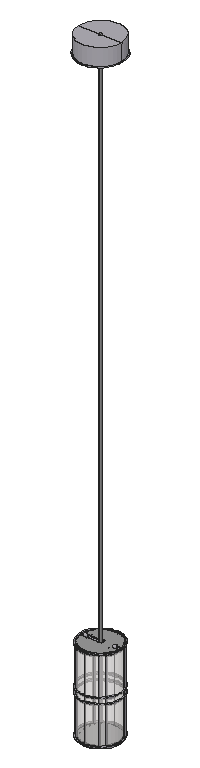
Revit family "Lighting - Lumetta - Pendant - P1204", category Lighting Fixtures, host Ceiling, Revit 2015
Parameters
  Wattage = 11.7117 W
  built-in parameter 1150110 = 1 (stored number, unit not read)
  URL = "https://lumetta.com/luminaires/intersect-pendant/"
  Type Comments = "Intersect Pendant "  # constant formula
  built-in parameter 1114217 = 1 (stored number, unit not read)
  Top Lens-Material [instance] = Acrylic - 2447 - White
  Top Lens [instance] = yes
  built-in parameter 1150109 = 1 (stored number, unit not read)
  built-in parameter 1150134 = (empty or 0)
  Suspension [instance] = 2
  built-in parameter 1150113 = 1 (stored number, unit not read)
  Stem or Cord with Blst-Drvr in canopy [instance] = or(Suspension = 2, Suspension = 3)  # yes
  Stem Hung-ALL Lamping [instance] = Suspension = 3  # no
  P1204 URL [instance] = "https://lumetta.com/luminaires/intersect-pendant/"
  Light Source Symbol Size = 0' - 1"
  Coupling-Stems Over 60 inches [instance] = and([Stem Hung-ALL Lamping], Fixture Drop > 5' 0")  # no
  Model = "P1204"  # constant formula
  Manufacturer = "Lumetta, Inc."  # constant formula
  Lumens = 1300 lm
  built-in parameter 1150115 = 1 (stored number, unit not read)
  built-in parameter 1150105 = 103.45 (stored number, unit not read)
  built-in parameter 1150137 = (empty or 0)
  built-in parameter 1150139 = (empty or 0)
  built-in parameter 1150112 = 1 (stored number, unit not read)
  built-in parameter 1150114 = 1 (stored number, unit not read)
  built-in parameter 1150132 = 1
  built-in parameter 1150102 = (empty or 0)
  built-in parameter 1150138 = (empty or 0)
  built-in parameter 1150107 = 3000 (stored number, unit not read)
  built-in parameter 1150106 = 1.0345 (stored number, unit not read)
  Frame Finish [instance] = Paint - Lumetta - F02 - PC_Chrome
  Fixture Drop [instance] = 6' - 0"
  built-in parameter 1150104 = 10.312 (stored number, unit not read)
  Dimming Lamp Color Temperature Shift = (empty or 0)
  Diffuser Material [instance] = Shade - Lumetta - D61 - MT_White
  Description = "Intersect Pendant "  # constant formula
  Cord Hung-Incan-CFL-2 Wire Dimming [instance] = Suspension = 1  # no
  Cord Hung-Blst-Drvr in Canopy [instance] = or(Suspension = 1, Suspension = 2)  # yes
  Bottom Lens-Material [instance] = Acrylic - P95 - Etched White
  Bottom Lens [instance] = yes
  Cord Hung-3 and 4 Wire Dimming-ALL [instance] = Suspension = 2  # yes
  Cord Color [instance] = Cord, Black
  Color Filter = 16777215
  built-in parameter 1114218 = 1 (stored number, unit not read)
  built-in parameter 1150133 = 10 (stored number, unit not read)
Reference planes (in)
  plane 1 "Light Source Axis (F/B)": y = 0
  plane 2 "Ceiling": z = 96
  plane 3 "Light Source Axis (L/R)": x = 0
  plane 4 "Light Source Elevation": z = 21
  plane 5 "Fixture-Top": z = 24
  plane 6 "Fixture-Radius": x = 2.75
  plane 7 "Fixture-Height": z = 13
  plane 8: y = 0
  plane 9: x = 1.9375
  plane 10 "Outer BTM-Flat Plane": z = 10.44187
  plane 11: z = 18.125
  plane 12: z = 18.875
Forms (in)
  Revolve 1, solid, material "Paint - Lumetta - F02 - PC_Chrome" <- "Frame Finish", visible <- "Cord Hung-Incan-CFL-2 Wire Dimming"
    sketch origin (0, 0, 0) x (1, 0, 0) y (0, 0, 1)
      loop
        line (0, 96) -> (0, 95.65) -> (2.125, 95.65)
        arc (2.125, 95.65) -> (2.21339, 95.68661) -> (2.25, 95.775) r 0.125
        line (2.25, 95.775) -> (2.25, 96) -> (0, 96)
      axis (0, 96) -> (0, 95.65)
    angle from 0 to 360
  Extrusion 2, solid, material "Paint - Lumetta - F02 - PC_Chrome" <- "Frame Finish", visible <- "Stem Hung-ALL Lamping"
    sketch origin (0, 0, 24) x (0, -1, 0) y (-1, 0, 0)
      loop
        circle (0, 0) r 0.25
    from 0.05815 to -72
  Revolve 3, solid, material "Paint - Lumetta - F02 - PC_Chrome" <- "Frame Finish", visible <- "Coupling-Stems Over 60 inches"
    sketch origin (0, 0, 0) x (1, 0, 0) y (0, 0, 1)
      loop
        line (0, 86.53023) -> (0, 86) -> (0.26233, 86)
        arc (0.26233, 86) -> (0.31307, 86.05074) -> (0.26233, 86.10149) r 0.05074
        arc (0.26233, 86.10149) -> (0.29304, 86.26499) -> (0.26243, 86.42851) r 0.45126
        arc (0.26243, 86.42851) -> (0.31329, 86.47937) -> (0.26243, 86.53023) r 0.05086
        line (0.26243, 86.53023) -> (0, 86.53023)
      axis (0, 86.53023) -> (0, 86)
    angle from 0 to 360
  Extrusion 4, solid, material "Cord, Black" <- "Cord Color", visible <- "Cord Hung-Blst-Drvr in Canopy"
    sketch origin (0, 0, 24) x (0, -1, 0) y (1, 0, 0)
      loop
        circle (0, 0) r 0.15674
    from -0.56254 to 72
  Extrusion 5, solid, material "Paint - Lumetta - F02 - PC_Chrome" <- "Frame Finish"
    sketch origin (0, 0, 24) x (0, -1, 0) y (1, 0, 0)
      loop
        circle (0, 0) r 0.26562
      loop
        arc (-0.625, -1.88572) -> (-0.61548, -1.93356) -> (-0.58839, -1.97411) r 0.125
        line (-0.58839, -1.97411) -> (-0.41161, -2.15089)
        arc (-0.41161, -2.15089) -> (-0.37106, -2.17798) -> (-0.32322, -2.1875) r 0.125
        line (-0.32322, -2.1875) -> (0.32322, -2.1875)
        arc (0.32322, -2.1875) -> (0.37106, -2.17798) -> (0.41161, -2.15089) r 0.125
        line (0.41161, -2.15089) -> (0.58839, -1.97411)
        arc (0.58839, -1.97411) -> (0.61548, -1.93356) -> (0.625, -1.88572) r 0.125
        line (0.625, -1.88572) -> (0.625, 1.88572)
        arc (0.625, 1.88572) -> (0.61548, 1.93356) -> (0.58839, 1.97411) r 0.125
        line (0.58839, 1.97411) -> (0.41161, 2.15089)
        arc (0.41161, 2.15089) -> (0.37106, 2.17798) -> (0.32322, 2.1875) r 0.125
        line (0.32322, 2.1875) -> (-0.32322, 2.1875)
        arc (-0.32322, 2.1875) -> (-0.37106, 2.17798) -> (-0.41161, 2.15089) r 0.125
        line (-0.41161, 2.15089) -> (-0.58839, 1.97411)
        arc (-0.58839, 1.97411) -> (-0.61548, 1.93356) -> (-0.625, 1.88572) r 0.125
        line (-0.625, 1.88572) -> (-0.625, -1.88572)
      loop
        circle (0, 1.9375) r 0.07846
      loop
        circle (0, -1.9375) r 0.07846
    from -0.05815 to 0
  Revolve 6, solid, material "Paint - Lumetta - F02 - PC_Chrome" <- "Frame Finish", visible <- "Cord Hung-Incan-CFL-2 Wire Dimming"
    sketch origin (0, 0, 0) x (1, 0, 0) y (0, 0, 1)
      loop
        line (0, 95.65) -> (0, 95.15) -> (0.28125, 95.15) -> (0.375, 95.65) -> (0, 95.65)
      axis (0, 95.65) -> (0, 95.15)
    angle from 0 to 360
  Revolve 7, solid, material "Paint - Lumetta - F02 - PC_Chrome" <- "Frame Finish", visible <- "Stem or Cord with Blst-Drvr in canopy"
    sketch origin (0, 0, 0) x (1, 0, 0) y (0, 0, 1)
      loop
        line (1.9375, 93.72) -> (1.9375, 93.37095)
        arc (1.9375, 93.37095) -> (2.11821, 93.50953) -> (2.03125, 93.72) r 0.18712
        line (2.03125, 93.72) -> (1.9375, 93.72)
      axis (1.9375, 93.72) -> (1.9375, 93.37095)
    angle from 0 to 360
  Revolve 8, solid, material "Paint - Lumetta - F02 - PC_Chrome" <- "Frame Finish", visible <- "Stem or Cord with Blst-Drvr in canopy"
    sketch origin (0, 0, 0) x (-1, 0, 0) y (0, 0, 1)
      loop
        line (1.9375, 93.72) -> (1.9375, 93.37095)
        arc (1.9375, 93.37095) -> (2.11821, 93.50953) -> (2.03125, 93.72) r 0.18712
        line (2.03125, 93.72) -> (1.9375, 93.72)
      axis (1.9375, 93.72) -> (1.9375, 93.37095)
    angle from 0 to 360
  Revolve 9, solid, material "Paint - Lumetta - F02 - PC_Chrome" <- "Frame Finish"
    sketch origin (0, 0, 0) x (1, 0, 0) y (0, 0, 1)
      loop
        circle (2.6825, 23.9325) r 0.0675
      axis (0, 23.9325) -> (0, 23.89313)
    angle from 0 to 360
  Revolve 10, solid, material "Paint - Lumetta - F02 - PC_Chrome" <- "Frame Finish"
    sketch origin (0, 0, 0) x (1, 0, 0) y (0, 0, 1)
      loop
        circle (2.6825, 13.0675) r 0.0675
      axis (0, 13.0675) -> (0, 13.02813)
    angle from 0 to 360
  Extrusion 11, solid, material "Paint - Lumetta - F02 - PC_Chrome" <- "Frame Finish"
    sketch origin (0, 0, 24) x (0, -1, 0) y (1, 0, 0)
      loop
        line (-0.5, 1.57812) -> (0.5, 1.57812) -> (0.5, 2.63549)
        arc (0.5, 2.63549) -> (0, 2.6825) -> (-0.5, 2.63549) r 2.6825
        line (-0.5, 2.63549) -> (-0.5, 1.57812)
      loop
        circle (0, 1.9375) r 0.09375
      loop
        line (-0.5, -1.57813) -> (-0.5, -2.63549)
        arc (-0.5, -2.63549) -> (0, -2.6825) -> (0.5, -2.63549) r 2.6825
        line (0.5, -2.63549) -> (0.5, -1.57813) -> (-0.5, -1.57813)
      loop
        circle (0, -1.9375) r 0.09375
    from 0 to 0.07325
  Revolve 12, solid, material "Paint - Lumetta - F02 - PC_Chrome" <- "Frame Finish", visible <- "Stem Hung-ALL Lamping"
    sketch origin (0, 0, 0) x (1, 0, 0) y (0, 0, 1)
      loop
        line (0, 96.0012) -> (0, 93.40625) -> (0.34988, 93.40625)
        arc (0.34988, 93.40625) -> (0.49124, 93.54417) -> (0.58115, 93.72) r 0.61026
        line (0.58115, 93.72) -> (3, 93.72) -> (3, 93.78) -> (2.875, 93.78) -> (2.875, 96.0012) -> (0, 96.0012)
      axis (0, 96.0012) -> (0, 93.40625)
    angle from 0 to 360
  Revolve 13, solid, material "Paint - Lumetta - F02 - PC_Chrome" <- "Frame Finish"
    sketch origin (0, 0, 5.25) x (1, 0, 0) y (0, 0, 1)
      loop
        circle (2.6825, 12.875) r 0.0675
      axis (0, 12.875) -> (0, 12.83563)
    angle from 0 to 360
  Revolve 14, solid, material "Paint - Lumetta - F02 - PC_Chrome" <- "Frame Finish"
    sketch origin (0, 0, 6.25) x (1, 0, 0) y (0, 0, 1)
      loop
        circle (2.6825, 12.625) r 0.0675
      axis (0, 12.625) -> (0, 12.58563)
    angle from 0 to 360
  Extrusion 15, solid, material "Paint - Lumetta - F02 - PC_Chrome" <- "Frame Finish"
    sketch origin (0, 0, 24) x (0, -1, 0) y (1, 0, 0)
      loop
        circle (2.04707, 1.51674) r 0.0675
      loop
        circle (1.51674, 2.04707) r 0.0675
      loop
        circle (-1.51674, -2.04707) r 0.0675
      loop
        circle (-2.04707, -1.51674) r 0.0675
      loop
        circle (-1.51674, 2.04707) r 0.0675
      loop
        circle (-2.04707, 1.51674) r 0.0675
      loop
        circle (2.04707, -1.51674) r 0.0675
      loop
        circle (1.51674, -2.04707) r 0.0675
    from 0 to -11
  Revolve 16, solid, material "Paint - Lumetta - F02 - PC_Chrome" <- "Frame Finish"
    sketch origin (0, 0, 0) x (1, 0, 0) y (0, 0, 1)
      loop
        arc (2.0625, 24.07325) -> (2.11266, 24.27991) -> (1.9375, 24.4005) r 0.1875
        line (1.9375, 24.4005) -> (1.9375, 24.07325) -> (2.0625, 24.07325)
      axis (1.9375, 24.4005) -> (1.9375, 24.07325)
    angle from 0 to 360
  Revolve 17, solid, material "Paint - Lumetta - F02 - PC_Chrome" <- "Frame Finish"
    sketch origin (0, 0, 0) x (-1, 0, 0) y (0, 0, 1)
      loop
        arc (2.0625, 24.07325) -> (2.11266, 24.27991) -> (1.9375, 24.4005) r 0.1875
        line (1.9375, 24.4005) -> (1.9375, 24.07325) -> (2.0625, 24.07325)
      axis (1.9375, 24.4005) -> (1.9375, 24.07325)
    angle from 0 to 360
  Extrusion 18, solid, material "Shade - Lumetta - D61 - MT_White" <- "Diffuser Material"
    sketch origin (0, 0, 24) x (0, -1, 0) y (1, 0, 0)
      loop
        circle (0, 0) r 2.48
      loop
        circle (0, 0) r 2.44875
    from -11 to 0
  Revolve 19, solid, material "Paint - Lumetta - F02 - PC_Chrome" <- "Frame Finish", visible <- "Top Lens"
    sketch origin (-0.01413, 0, 0.1412) x (1, 0, 0) y (0, 0, 1)
      loop
        circle (2.69663, 23.9263) r 0.0675
      axis (0.01413, 23.9263) -> (0.01413, 23.88693)
    angle from 0 to 360
  Extrusion 20, solid, material "Paint - Lumetta - F02 - PC_Chrome" <- "Frame Finish", visible <- "Bottom Lens"
    sketch origin (0, 0, 13) x (0, -1, 0) y (1, 0, 0)
      loop
        circle (0, 0) r 2.65625
      loop
        circle (0, 0) r 2.15625
    from -0.05888 to 0
  Extrusion 21, solid, material "Acrylic - P95 - Etched White" <- "Bottom Lens-Material", visible <- "Bottom Lens"
    sketch origin (0, 0, 13) x (0, -1, 0) y (1, 0, 0)
      loop
        circle (0, 0) r 2.40625
    from 0 to 0.11365
  Extrusion 22, solid, material "Acrylic - 2447 - White" <- "Top Lens-Material", visible <- "Top Lens"
    sketch origin (0.01229, 0, 24.07325) x (0, -1, 0) y (1, 0, 0)
      loop
        arc (-0.26563, 2.46576) -> (-0.28695, 2.51278) -> (-0.33637, 2.52772) r 0.0625
        arc (-0.33637, 2.52772) -> (-2.54999, 0.00808) -> (-0.35239, -2.52553) r 2.55
        arc (-0.35239, -2.52553) -> (-0.30272, -2.51078) -> (-0.28125, -2.46363) r 0.0625
        line (-0.28125, -2.46363) -> (-0.28125, -0.38906)
        arc (-0.28125, -0.38906) -> (-0.29025, -0.34247) -> (-0.31597, -0.3026) r 0.125
        arc (-0.31597, -0.3026) -> (0, 0.4375) -> (0.31597, -0.3026) r 0.4375
        arc (0.31597, -0.3026) -> (0.29025, -0.34247) -> (0.28125, -0.38906) r 0.125
        line (0.28125, -0.38906) -> (0.28125, -2.46363)
        arc (0.28125, -2.46363) -> (0.30272, -2.51078) -> (0.35239, -2.52553) r 0.0625
        arc (0.35239, -2.52553) -> (2.54999, 0.00808) -> (0.33637, 2.52772) r 2.55
        arc (0.33637, 2.52772) -> (0.28695, 2.51278) -> (0.26563, 2.46576) r 0.0625
        line (0.26563, 2.46576) -> (0.26563, 1.9375)
        arc (0.26563, 1.9375) -> (0, 1.67188) -> (-0.26562, 1.9375) r 0.26562
        line (-0.26562, 1.9375) -> (-0.26563, 2.46576)
    from 0 to 0.05449
  Revolve 23, solid, material "Paint - Lumetta - F02 - PC_Chrome" <- "Frame Finish", visible <- "Cord Hung-3 and 4 Wire Dimming-ALL"
    sketch origin (0, 0, -2.02309) x (1, 0, 0) y (0, 0, 1)
      loop
        line (0, 95.74309) -> (0, 95.24309) -> (0.28125, 95.24309) -> (0.375, 95.74309) -> (0, 95.74309)
      axis (0, 95.74309) -> (0, 95.24309)
    angle from 0 to 360
  Revolve 24, solid, material "Paint - Lumetta - F02 - PC_Chrome" <- "Frame Finish", visible <- "Cord Hung-3 and 4 Wire Dimming-ALL"
    sketch origin (0, 0, 0) x (1, 0, 0) y (0, 0, 1)
      loop
        line (0, 96) -> (0, 93.72) -> (3, 93.72) -> (3, 93.78125) -> (2.875, 93.78125) -> (2.875, 96) -> (0, 96)
      axis (0, 96) -> (0, 93.72)
    angle from 0 to 360
Dimensions and locks (in)
  equal spacing: host sketch curve, plane 3 "Light Source Axis (L/R)", host sketch curve
  equal spacing: host sketch curve, plane 1 "Light Source Axis (F/B)", host sketch curve
  host sketch curve to host sketch curve = 10' - 0"  (x2)
  "Fixture Drop": plane 2 "Ceiling" to plane 5 "Fixture-Top"
  plane 5 "Fixture-Top" to plane 4 "Light Source Elevation" = 0' - 3"
  locked: plane 6 "Fixture-Radius" to plane 3 "Light Source Axis (L/R)" at 2.75
  locked: plane 5 "Fixture-Top" to plane 7 "Fixture-Height" at 11
  locked: Extrusion 2 sketch curve to imposter light
  locked: Extrusion 2 sketch curve to imposter light at 0
  Revolve 3 sketch curve to Revolve 3 sketch curve = 0' - 0.15822"
  locked: Revolve 3 sketch curve to Revolve 3 sketch curve at 0.53023
  locked: Revolve 3 sketch curve to Revolve 3 sketch curve at 0.26243
  locked: Revolve 3 sketch curve to Revolve 3 sketch curve at 0.26233
  locked: Revolve 3 sketch curve to Revolve 3 sketch curve at 0.05074
  locked: Revolve 3 sketch curve to Revolve 3 sketch curve at 0.47937
  locked: Revolve 3 sketch curve to Revolve 3 sketch curve at 0.26512
  locked: Revolve 1 to Revolve 6 sketch curve at 0.5
  locked: plane 6 "Fixture-Radius" to Revolve 9 sketch curve at 0.0675
  locked: plane 5 "Fixture-Top" to Revolve 9 sketch curve at 0.0675
  equal spacing: Extrusion 11 sketch curve, plane 8, Extrusion 11 sketch curve, locked at 0.5 each  (x2)
  locked: Extrusion 11 sketch curve to Extrusion 11 sketch curve at 1
  locked: Extrusion 11 to plane 5 "Fixture-Top" at 0.07325
  locked: plane 5 "Fixture-Top" to Extrusion 5 at 0.05815
  locked: Revolve 12 sketch curve to Revolve 12 sketch curve at 2.875
  locked: Revolve 12 sketch curve to Revolve 12 sketch curve at 0.31375
  locked: plane 2 "Ceiling" to Revolve 12 sketch curve at 2.28
  locked: Revolve 12 sketch curve to plane 3 "Light Source Axis (L/R)" at 0
  locked: Revolve 12 sketch curve to plane 2 "Ceiling" at 0.0012
  locked: plane 5 "Fixture-Top" to plane 10 "Outer BTM-Flat Plane" at 13.55813
  locked: plane 2 "Ceiling" to Revolve 1 sketch curve at 0.35
  locked: Revolve 1 sketch curve to plane 2 "Ceiling"
  locked: Revolve 1 sketch curve to plane 3 "Light Source Axis (L/R)" at 2.25
  locked: plane 2 "Ceiling" to Revolve 6 sketch curve at 0.35
  locked: Revolve 10 sketch curve to plane 7 "Fixture-Height" at 0.0675
  locked: plane 6 "Fixture-Radius" to Revolve 10 sketch curve at 0.0675
  plane 3 "Light Source Axis (L/R)" to Extrusion 11 sketch curve = 0' - 1 37/64"
  locked: Extrusion 11 sketch curve to Extrusion 11 sketch curve at 3.15625
  locked: Extrusion 11 sketch curve to plane 3 "Light Source Axis (L/R)" at 1.9375
  locked: Extrusion 11 sketch curve to Extrusion 11 sketch curve at 3.875
  locked: Extrusion 5 sketch curve to plane 3 "Light Source Axis (L/R)" at 1.9375
  locked: Extrusion 5 sketch curve to Extrusion 5 sketch curve at 3.875
  locked: plane 8 to Extrusion 5 sketch curve at 0.625  (x2)
  locked: plane 11 to plane 7 "Fixture-Height" at 5.125
  locked: plane 5 "Fixture-Top" to plane 12 at 5.125
  locked: plane 6 "Fixture-Radius" to Revolve 13 sketch curve at 0.0675
  locked: Revolve 13 sketch curve to plane 11
  locked: plane 6 "Fixture-Radius" to Revolve 14 sketch curve at 0.0675
  locked: Revolve 14 sketch curve to plane 12
  plane 3 "Light Source Axis (L/R)" to Extrusion 15 sketch curve = 0' - 1.51674"
  plane 3 "Light Source Axis (L/R)" to Extrusion 15 sketch curve = 0' - 2.04707"
  plane 8 to Extrusion 15 sketch curve = 0' - 2.04707"
  plane 8 to Extrusion 15 sketch curve = 0' - 1.51674"
  locked: plane 3 "Light Source Axis (L/R)" to Revolve 16 sketch curve at 1.9375
  locked: Revolve 16 sketch curve to Revolve 16 sketch curve at 0.13975
  Revolve 16 sketch curve to Extrusion 11 = 0' - 0"
  locked: Revolve 17 sketch curve to Revolve 17 sketch curve at 0.13975
  locked: Revolve 17 sketch curve to Extrusion 11 at 0
  locked: Revolve 17 sketch curve to plane 3 "Light Source Axis (L/R)" at 1.9375
  locked: plane 6 "Fixture-Radius" to Revolve 19 sketch curve at 0.0675
  locked: Revolve 19 sketch curve to plane 5 "Fixture-Top" at 0.0675
  locked: Revolve 19 sketch curve to imposter light at 0
  locked: plane 7 "Fixture-Height" to Extrusion 20 at 0.05888
  locked: Extrusion 21 to plane 7 "Fixture-Height" at 0.11365
  locked: Extrusion 22 to Extrusion 22 at 0.05449
  locked: Revolve 12 sketch curve to plane 3 "Light Source Axis (L/R)" at 3
  locked: Revolve 24 sketch curve to plane 2 "Ceiling"
  locked: plane 3 "Light Source Axis (L/R)" to Revolve 24 sketch curve at 2.875
  locked: plane 2 "Ceiling" to Revolve 24 sketch curve at 2.28
  locked: Revolve 24 sketch curve to Revolve 24 sketch curve at 0.06125
  locked: Revolve 24 sketch curve to Revolve 24 sketch curve at 0.125
  locked: Revolve 24 sketch curve to plane 3 "Light Source Axis (L/R)" at 0
  locked: Revolve 23 sketch curve to Revolve 23 sketch curve at 0.5
  locked: Revolve 23 sketch curve to Revolve 23 sketch curve at 0
  locked: Revolve 23 sketch curve to Revolve 23 sketch curve at 0.375
  locked: Revolve 23 sketch curve to Revolve 23 sketch curve at 0.28125
  locked: plane 2 "Ceiling" to Revolve 23 sketch curve at 2.28
  locked: Extrusion 20 to plane 7 "Fixture-Height" at 0
  aligned and locked: plane 3 "Light Source Axis (L/R)" to imposter light
  aligned and locked: plane 1 "Light Source Axis (F/B)" to imposter light
  aligned and locked: plane 4 "Light Source Elevation" to imposter light
  aligned and locked: Revolve 3 sketch curve to Revolve 3 sketch curve  (x2)
  aligned and locked: host ceiling to Extrusion 2
  aligned and locked: host ceiling to Extrusion 4
  aligned and locked: Extrusion 5 to Extrusion 2
  aligned and locked: Revolve 7 sketch curve to plane 9
  aligned and locked: Revolve 10 sketch curve to plane 3 "Light Source Axis (L/R)"
  aligned and locked: plane 5 "Fixture-Top" to Extrusion 11
  aligned and locked: Extrusion 5 to plane 5 "Fixture-Top"
  aligned and locked: plane 7 "Fixture-Height" to Extrusion 15
  aligned and locked: Extrusion 18 to plane 5 "Fixture-Top"
  aligned and locked: plane 7 "Fixture-Height" to Extrusion 21
  aligned and locked: Extrusion 22 to Extrusion 11
  aligned and locked: plane 7 "Fixture-Height" to Extrusion 18
Automatic sketch dimensions
  Revolve 1 sketch curve to plane 3 "Light Source Axis (L/R)" = 0' - 0"  (x2)
  Revolve 1 sketch curve to Revolve 1 sketch curve = 0' - 0 1/8"
  Revolve 1 sketch curve to plane 5 "Fixture-Top" = 0' - 1 1/4"
  plane 2 "Ceiling" to Revolve 1 sketch curve = 0' - 9 3/4"
  Revolve 3 sketch curve to plane 3 "Light Source Axis (L/R)" = 0' - 0"
  Revolve 3 sketch curve to plane 2 "Ceiling" = 0' - 10"
  Revolve 3 sketch curve to Revolve 3 sketch curve = 0' - 11.34317"
  plane 1 "Light Source Axis (F/B)" to Extrusion 4 sketch curve = 0' - 0"
  Extrusion 4 sketch curve to plane 3 "Light Source Axis (L/R)" = 0' - 0"
  plane 1 "Light Source Axis (F/B)" to Extrusion 5 sketch curve = 0' - 0"  (x3)
  Extrusion 5 sketch curve to plane 3 "Light Source Axis (L/R)" = 0' - 0"
  plane 9 to Extrusion 5 sketch curve = 0' - 0.03661"  (x2)
  Extrusion 5 sketch curve to Extrusion 5 sketch curve = 0' - 0.03661"  (x5)
  Extrusion 5 sketch curve to plane 9 = 0' - 0.05178"  (x2)
  Extrusion 5 sketch curve to Extrusion 5 sketch curve = 0' - 0.08839"  (x6)
  Extrusion 5 sketch curve to Extrusion 5 sketch curve = 0' - 0.17678"  (x4)
  plane 1 "Light Source Axis (F/B)" to Extrusion 5 sketch curve = 0' - 0.32322"  (x2)
  plane 9 to Extrusion 5 sketch curve = 0' - 0 1/8"
  plane 9 to Extrusion 5 sketch curve = 0' - 0.21339"
  Extrusion 5 sketch curve to Extrusion 5 sketch curve = 0' - 0 1/8"  (x3)
  Revolve 6 sketch curve to plane 3 "Light Source Axis (L/R)" = 0' - 0"  (x2)
  Revolve 6 sketch curve to Revolve 6 sketch curve = 0' - 0 9/32"
  Revolve 6 sketch curve to Revolve 6 sketch curve = 0' - 0 3/8"
  Revolve 6 sketch curve to Revolve 6 sketch curve = 0' - 1 1/4"
  plane 2 "Ceiling" to Revolve 6 sketch curve = 0' - 6 11/16"
  Revolve 7 sketch curve to plane 9 = 0' - 0"
  plane 9 to Revolve 7 sketch curve = 0' - 0 3/32"
  Revolve 7 sketch curve to plane 2 "Ceiling" = 0' - 2.62905"
  Revolve 7 sketch curve to Revolve 7 sketch curve = 0' - 0.18712"
  Revolve 7 sketch curve to Revolve 7 sketch curve = 0' - 1.15095"
  plane 2 "Ceiling" to Revolve 7 sketch curve = 0' - 0.72"
  plane 3 "Light Source Axis (L/R)" to Revolve 8 sketch curve = 0' - 1 15/16"
  Revolve 8 sketch curve to Revolve 8 sketch curve = 0' - 0 3/32"
  plane 2 "Ceiling" to Revolve 8 sketch curve = 0' - 2.62905"
  Revolve 8 sketch curve to Revolve 8 sketch curve = 0' - 0.18712"
  Revolve 8 sketch curve to Revolve 8 sketch curve = 0' - 0"
  Revolve 8 sketch curve to Revolve 8 sketch curve = 0' - 1.15095"
  Revolve 8 sketch curve to plane 2 "Ceiling" = 0' - 0.72"
  Revolve 9 sketch curve to plane 3 "Light Source Axis (L/R)" = 0' - 0"
  Revolve 9 sketch curve to plane 4 "Light Source Elevation" = 0' - 0 1/2"
  Revolve 9 sketch curve to plane 5 "Fixture-Top" = 0' - 2 1/2"
  level to Revolve 10 sketch curve = 0' - 0 3/4"
  Revolve 10 sketch curve to plane 11 = 0' - 2 3/8"
  Extrusion 11 sketch curve to Extrusion 11 sketch curve = 0' - 0"  (x2)
  plane 1 "Light Source Axis (F/B)" to Extrusion 11 sketch curve = 0' - 0"  (x3)
  Extrusion 11 sketch curve to plane 3 "Light Source Axis (L/R)" = 0' - 0"
  Extrusion 11 sketch curve to plane 1 "Light Source Axis (F/B)" = 0' - 0 1/2"
  Extrusion 11 sketch curve to Extrusion 11 sketch curve = 0' - 0.69799"
  Extrusion 11 sketch curve to plane 6 "Fixture-Radius" = 0' - 0.11451"
  Revolve 12 sketch curve to plane 3 "Light Source Axis (L/R)" = 0' - 0"  (x2)
  Revolve 12 sketch curve to Revolve 12 sketch curve = 0' - 0.34988"
  Revolve 12 sketch curve to Revolve 12 sketch curve = 0' - 0.23126"
  Revolve 12 sketch curve to Revolve 12 sketch curve = 0' - 0.06"
  Revolve 12 sketch curve to Revolve 12 sketch curve = 0' - 1.7488"
  Revolve 12 sketch curve to Revolve 12 sketch curve = 0' - 2 1/2"
  Revolve 13 sketch curve to plane 3 "Light Source Axis (L/R)" = 0' - 0"
  Revolve 13 sketch curve to plane 10 "Outer BTM-Flat Plane" = 0' - 4.44187"
  plane 4 "Light Source Elevation" to Revolve 13 sketch curve = 0' - 0 1/2"
  Revolve 14 sketch curve to plane 3 "Light Source Axis (L/R)" = 0' - 0"
  Revolve 14 sketch curve to plane 10 "Outer BTM-Flat Plane" = 0' - 3.44187"
  Revolve 14 sketch curve to plane 4 "Light Source Elevation" = 0' - 0 1/2"
  plane 9 to Extrusion 15 sketch curve = 0' - 0.10957"
  Extrusion 15 sketch curve to plane 1 "Light Source Axis (F/B)" = 0' - 1.51674"  (x2)
  Extrusion 15 sketch curve to Extrusion 15 sketch curve = 0' - 0.53033"  (x5)
  plane 1 "Light Source Axis (F/B)" to Extrusion 15 sketch curve = 0' - 1.51674"
  Extrusion 15 sketch curve to plane 9 = 0' - 0.42076"
  Extrusion 15 sketch curve to plane 3 "Light Source Axis (L/R)" = 0' - 1.51674"  (x2)
  plane 9 to Revolve 16 sketch curve = 0' - 0"
  Revolve 16 sketch curve to Revolve 16 sketch curve = 0' - 0 1/8"
  plane 5 "Fixture-Top" to Revolve 16 sketch curve = 0' - 0.44618"
  Revolve 16 sketch curve to Revolve 16 sketch curve = 0' - 0.19786"
  Revolve 17 sketch curve to Revolve 17 sketch curve = 0' - 0"
  Revolve 17 sketch curve to Revolve 17 sketch curve = 0' - 0 1/8"
  Revolve 17 sketch curve to plane 5 "Fixture-Top" = 0' - 0.44618"
  Revolve 17 sketch curve to Revolve 17 sketch curve = 0' - 0.19786"
  Extrusion 18 sketch curve to Extrusion 18 sketch curve = 0' - 0"  (x2)
  plane 1 "Light Source Axis (F/B)" to Extrusion 18 sketch curve = 0' - 0"
  Extrusion 18 sketch curve to plane 3 "Light Source Axis (L/R)" = 0' - 0"
  Revolve 19 sketch curve to plane 4 "Light Source Elevation" = 0' - 0.6412"
  Revolve 19 sketch curve to plane 5 "Fixture-Top" = 0' - 2.6412"
  Extrusion 20 sketch curve to Extrusion 20 sketch curve = 0' - 0"  (x2)
  plane 1 "Light Source Axis (F/B)" to Extrusion 20 sketch curve = 0' - 0"
  Extrusion 20 sketch curve to plane 3 "Light Source Axis (L/R)" = 0' - 0"
  plane 1 "Light Source Axis (F/B)" to Extrusion 21 sketch curve = 0' - 0"
  Extrusion 21 sketch curve to plane 3 "Light Source Axis (L/R)" = 0' - 0"
  Extrusion 22 sketch curve to Extrusion 22 sketch curve = 0' - 0"  (x10)
  plane 1 "Light Source Axis (F/B)" to Extrusion 22 sketch curve = 0' - 0"  (x2)
  Extrusion 22 sketch curve to plane 1 "Light Source Axis (F/B)" = 0' - 0 17/64"
  Extrusion 22 sketch curve to plane 1 "Light Source Axis (F/B)" = 0' - 0 9/32"
  Extrusion 22 sketch curve to Extrusion 22 sketch curve = 0' - 0 1/16"  (x4)
  Extrusion 22 sketch curve to Extrusion 22 sketch curve = 0' - 0 1/8"  (x2)
  plane 1 "Light Source Axis (F/B)" to Extrusion 22 sketch curve = 0' - 0 9/32"
  Extrusion 22 sketch curve to plane 3 "Light Source Axis (L/R)" = 0' - 2.45134"
  Extrusion 22 sketch curve to plane 3 "Light Source Axis (L/R)" = 0' - 0.37677"  (x2)
  plane 3 "Light Source Axis (L/R)" to Extrusion 22 sketch curve = 0' - 0.01229"
  plane 9 to Extrusion 22 sketch curve = 0' - 0.01229"
  Extrusion 22 sketch curve to plane 6 "Fixture-Radius" = 0' - 0.27195"  (x2)
  Revolve 24 sketch curve to plane 3 "Light Source Axis (L/R)" = 0' - 0"
  Revolve 24 sketch curve to Revolve 24 sketch curve = 0' - 10.47"
  plane 2 "Ceiling" to Revolve 24 sketch curve = 1' - 0"
  Revolve 23 sketch curve to plane 3 "Light Source Axis (L/R)" = 0' - 0"
  Revolve 23 sketch curve to Revolve 23 sketch curve = 0' - 1.34309"
  plane 2 "Ceiling" to Revolve 23 sketch curve = 0' - 4.66441"
  radius of Extrusion 2 sketch curve = 0' - 0 1/4"
  radius of Extrusion 4 sketch curve = 0' - 0.15674"
  radius of Extrusion 5 sketch curve = 0' - 0 17/64"
  radius of Extrusion 5 sketch curve = 0' - 0.07846"  (x2)
  radius of Revolve 9 sketch curve = 0' - 0.0675"
  radius of Revolve 10 sketch curve = 0' - 0.0675"
  radius of Extrusion 11 sketch curve = 0' - 0 3/32"  (x2)
  radius of Revolve 13 sketch curve = 0' - 0.0675"
  radius of Revolve 14 sketch curve = 0' - 0.0675"
  radius of Extrusion 15 sketch curve = 0' - 0.0675"  (x8)
  radius of Extrusion 18 sketch curve = 0' - 2.48"
  radius of Extrusion 18 sketch curve = 0' - 2.44875"
  radius of Revolve 19 sketch curve = 0' - 0.0675"
  radius of Extrusion 20 sketch curve = 0' - 2 21/32"
  radius of Extrusion 20 sketch curve = 0' - 2 5/32"
  radius of Extrusion 21 sketch curve = 0' - 2 13/32"
